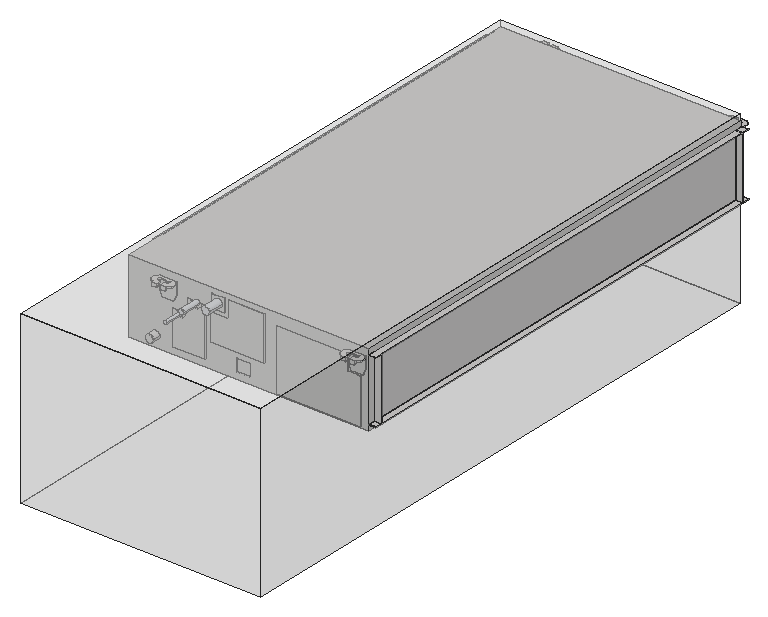
Revit family "outputfile", category 機械設備, Revit 2024
Family settings
  丸型コネクタ寸法 = 半径を使用
  パーツ タイプ = 標準
  OmniClass 番号 = 23.75.10.24.21.27.27
  OmniClass タイトル = Split System Air Conditioning Units
  作業面ベース = いいえ
  常に垂直 = はい
  ロード時にボイドで切り取り = いいえ
  注釈の向きを維持 = いいえ
  共有 = いいえ
  部屋計算ポイント = はい
Parameters (values of type "FXSQ140PAVE8")
  Description = ""
  製造元 = "Daikin"
  書き出し IFC クラス(タイプ) = "IfcUnitaryEquipmentType"
  定義済み IFC タイプ(タイプ) = "AIRCONDITIONINGUNIT"
  Cost = 0
  モデル = "FXSQ140PAVE8"
  Type Comments = ""
  Keynote = ""
  Type Image = (empty or 0)
  Assembly Code = ""
  r_Liquid Pipe Size = Liquid Pipe Size / 2  # 4.75 mm
  r_Gas Pipe Size = Gas Pipe Size / 2  # 7.95 mm
  r_Drain Pipe Size = Drain Pipe Size / 2  # 12.5 mm
  lw_power = 770.0 mm  # constant formula
  lh_SA = 138.0 mm  # constant formula
  lw_SA = if(Depth = 550.0 mm, 225.0 mm, if(Depth = 700.0 mm, 300.0 mm, if(Depth = 1000.0 mm, 450.0 mm, if(Depth = 1400.0 mm, 650.0 mm, 725.0 mm))))  # 725.0 mm
  lw_RA = if(Depth = 550.0 mm, 275.0 mm, if(Depth = 700.0 mm, 349.0 mm, if(Depth = 1000.0 mm, 499.0 mm, if(Depth = 1400.0 mm, 699.0 mm, 775.0 mm))))  # 775.0 mm
  lh_power = 60.0 mm + [h***]  # 60.0 mm
  lh_mountinghole1 = lh_mountinghole + [h***]  # 222.0 mm
  lh_RA = 123.0 mm  # constant formula
  ld_power = Depth / 2  # 775.0 mm
  Voltage_comment_60Hz = "220"
  Voltage_comment_50Hz = "220-240"
  Voltage_60Hz = 220 V
  Voltage_50Hz = 220 V
  URL = ""
  Supply Air Direction [instance] = yes
  Sound Power Level_H speed (dB) = 71
  Phase_60Hz = 1
  Phase_50Hz = 1
  Minimum External Static Pressure = 50.00 Pa
  Minimum Circuit Amps_60Hz = 3.1 A
  Minimum Circuit Amps_50Hz = 3.1 A
  Maximum Fuse Amps_60Hz = 16.0 A
  Maximum Fuse Amps_50Hz = 16.0 A
  Maximum External Static Pressure = 140.00 Pa
  Material_Casing = DAIKIN_GalvanizedSteel_Casing_indoorunit
  lw_mountinghole = 630.0 mm  # constant formula
  lh_gaspipe = 183.0 mm + [h***]  # 183.0 mm
  lh_mountinghole = 222.0 mm  # constant formula
  lh_liquidpipe = 136.0 mm + [h***]  # 136.0 mm
  lh_drainpipe = 207.0 mm + [h***]  # 207.0 mm
  lh_antena = Height - lh_mountinghole + 1.0 mm  # 24.0 mm
  ld_drainpipe = Depth / 2 + 53.0 mm  # 828.0 mm
  ld_liquidpipe = Depth / 2 + 69.0 mm  # 844.0 mm
  ld_gaspipe = Depth / 2 + 65.0 mm  # 840.0 mm
  ld_mountinghole = Depth + 38.0 mm  # 1588.0 mm
  h*** = 0.0 mm  # constant formula
  lw_liquidpipe = 179.0 mm  # constant formula
  lw_gaspipe = 229.0 mm  # constant formula
  lw_drainpipe = 300.0 mm  # constant formula
  Width = 800.0 mm
  Version = "ver.1.0"
  Unit Type = "Middle Static Pressure Duct Type"
  Unit Mass Weight = 52.00 kg
  Unit Designation [instance] = ""
  Uniclass2015Version = "Products v1.30"
  Uniclass2015Title = "Variable refrigerant flow units"
  Uniclass2015Code = "Pr_70_65_03_94"
  Total Heating Capacity [instance] = 0.000 kW
  Total Cooling Capacity [instance] = 0.000 kW
  Sound Pressure Level_M speed (dBA) = 0
  Sound Pressure Level_L speed (dBA) = 36
  Sound Pressure Level_H speed (dBA) = 43
  Series = "VRV Fan Coil Unit"
  Sensible Cooling Capacity [instance] = 0.000 kW
  SA Duct Size Width = if(Depth = 550.0 mm, 337.0 mm, if(Depth = 700.0 mm, 492.0 mm, if(Depth = 1000.0 mm, 792.0 mm, if(Depth = 1400.0 mm, 1192.0 mm, 1337.0 mm))))  # 1337.0 mm
  SA Duct Size Height = 176.0 mm
  Refrigerant Type = "R410A"
  RA Duct Size Width = if(Depth = 550.0 mm, 502.0 mm, if(Depth = 700.0 mm, 654.0 mm, if(Depth = 1000.0 mm, 952.0 mm, if(Depth = 1400.0 mm, 1352.0 mm, 1502.0 mm))))  # 1502.0 mm
  RA Duct Size Height = 208.0 mm
  Power Input (Heating) = 0.406 kW
  Power Input (Cooling) = 0.411 kW
  Option Accessory 3 [instance] = ""
  Option Accessory 2 [instance] = ""
  Option Accessory 1 [instance] = ""
  Nominal Heating Capacity = 18.000 kW
  Nominal Cooling Capacity = 16.000 kW
  Minimum Airflow = 1680.00 m³/h
  Median Airflow = 2010.00 m³/h
  Maximum Airflow = 2340.00 m³/h
  Load Classification = HVAC
  Liquid Pipe Size = 9.5 mm
  Link_Nested Family [instance] = ""
  IfcVersion = "0"
  IfcExportType = "AIRCONDITIONINGUNIT"
  IfcExportAs = "IfcUnitaryEquipmentType"
  Height = 245.0 mm
  Heating Entering Wet Bulb Temperature [instance] = 0.00 °C
  Heating Entering Dry Bulb Temperature [instance] = 0.00 °C
  Heating Ambient Wet Bulb Temperature [instance] = 0.00 °C
  Heating Ambient Dry Bulb Temperature [instance] = 0.00 °C
  Heat Exchanger Type = "Cross Fin Coil"
  Gas Pipe Size = 15.9 mm
  Frequency_60Hz = 60 Hz
  Frequency_50Hz = 50 Hz
  Fan Type = "Sirocco Fan"
  Fan Drive = "Direct Drive"
  FCU Tag No. [instance] = ""
  Drain Pipe Size = 25.0 mm
  Design Supply Airflow [instance] = 0.00 m³/h
  Design Return Airflow [instance] = 0.00 m³/h
  Design External Static Pressure [instance] = 0.00 Pa
  Depth = 1550.0 mm
  既定の高さ = 0.0 mm
  Cooling Entering Wet Bulb Temperature [instance] = 0.00 °C
  Cooling Entering Dry Bulb Temperature [instance] = 0.00 °C
  Cooling Ambient Wet Bulb Temperature [instance] = 0.00 °C
  Cooling Ambient Dry Bulb Temperature [instance] = 0.00 °C
  Clearance visibility [instance] = yes
  Clearance Top = 20.0 mm
  Clearance Right = 0.0 mm
  Clearance Rear = 0.0 mm
  Clearance Left = 0.0 mm
  Clearance Front = 450.0 mm
  Clearance Bottom = 300.0 mm
Reference planes
  plane 1 "Center (Front/Back)": y = 0
  plane 2 "h": z = 0
  plane 3 "Center (Left/Right)": x = 0
  plane 4 "Back": y = 775
  plane 5 "Front": y = -775
  plane 6 "Left": x = -400
  plane 7 "Reight": x = 400
  plane 8 "Top": z = 0
  plane 9 "Bottom": z = -245
  plane 10: y = -215
  plane 11: y = 775
  plane 12: y = -1225
  plane 13: x = -400
  plane 14: x = 400
  plane 15: z = 20
  plane 16: z = -545
  plane 17: x = -400
  plane 18: x = -399
  plane 19: x = 399
  plane 20: y = 50
  plane 21: y = 0
  plane 22: z = -122
  plane 23: y = -776
  plane 24: z = -109
  plane 25: x = -221
  plane 26: y = -840
  plane 27: z = -62
  plane 28: x = -171
  plane 29: y = -828
  plane 30: z = -38
  plane 31: x = -100
  plane 32: x = -100
  plane 33: x = -221
  plane 34: x = -171
  plane 35: x = 370
  plane 36: x = -266
  plane 37: x = 364
  plane 38: y = -794
  plane 39: y = 794
  plane 40: z = -23
  plane 41: z = -107
  plane 42: y = -844
  plane 43: z = -207
  plane 44: x = -309
  plane 45: y = -801
  plane 46: x = -251
  plane 47: x = -203
  plane 48: x = -144
  plane 49: z = -59
  plane 50: z = -106
  plane 51: z = -221
  plane 52: z = -109
  plane 53: x = -221
  plane 54: z = -62
  plane 55: x = -171
  plane 56: z = -17
  plane 57: z = -59
  plane 58: x = -121
  plane 59: x = -79
  plane 60: x = -125
  plane 61: x = -64
  plane 62: x = 53
  plane 63: z = -164
  plane 64: z = -73
  plane 65: z = -16
  plane 66: x = 93.5
  plane 67: x = 374.5
  plane 68: x = 330
  plane 69: z = -88.5
  plane 70: z = -38
  plane 71: z = -242.5
  plane 72: x = -38.5
  plane 73: x = 6.5
  plane 74: z = -181
  plane 75: z = -221
  plane 76: y = -774
  plane 77: x = -424
  plane 78: x = 424
Forms (mm)
  Extrusion 1, solid, material "DAIKIN_GalvanizedSteel_Casing_indoorunit" <- "Material_Casing"
    sketch origin (0, 0, 0) x (1, 0, 0) y (0, 1, 0)
      loop
        line (-399, 775) -> (-399, -775) -> (399, -775) -> (399, 775) -> (-399, 775)
    from -245 to 0
  Extrusion 2, solid, material "DAIKIN_GalvanizedSteel_Casing_indoorunit" <- "Material_Casing"
    sketch origin (0, 0, 0) x (1, 0, 0) y (0, 0, 1)
      loop
        line (-251, -221) -> (-144, -221) -> (-144, -59) -> (-154.47, -59)
        arc (-154.47, -59) -> (-171, -78.8) -> (-187.53, -59) r 16.8
        line (-187.53, -59) -> (-203, -59) -> (-203, -106) -> (-206.916, -106)
        arc (-206.916, -106) -> (-221, -123.4) -> (-235.084, -106) r 14.4
        line (-235.084, -106) -> (-251, -106) -> (-251, -221)
    from 775 to 776
  Extrusion 3, solid, material "DAIKIN_GalvanizedSteel_Casing_indoorunit" <- "Material_Casing"
    sketch origin (0, 0, 0) x (1, 0, 0) y (0, 0, 1)
      loop
        line (-121, -17) -> (-121, -59) -> (-79, -59) -> (-79, -17) -> (-121, -17)
      loop
        line (-125, -73) -> (-125, -164) -> (53, -164) -> (53, -16) -> (-64, -16) -> (-64, -73) -> (-125, -73)
    from 775 to 776
  Extrusion 4, solid, material "DAIKIN_GalvanizedSteel_Casing_indoorunit" <- "Material_Casing"
    sketch origin (0, 0, 0) x (1, 0, 0) y (0, 0, 1)
      loop
        line (93.5, -38) -> (93.5, -242.5) -> (374.5, -242.5) -> (374.5, -88.5) -> (330, -88.5) -> (330, -38) -> (93.5, -38)
    from 775 to 776
  Extrusion 5, solid
    sketch origin (0, 0, 0) x (1, 0, 0) y (0, 0, 1)
      loop
        circle (-221, -109) r 4.75
    from 775 to 844
  Extrusion 6, solid
    sketch origin (0, 0, 0) x (1, 0, 0) y (0, 0, 1)
      loop
        circle (-171, -62) r 7.95
    from 775 to 840
  Extrusion 7, solid
    sketch origin (0, 0, 0) x (1, 0, 0) y (0, 0, 1)
      loop
        circle (-100, -38) r 12.5
    from 776 to 828
  Extrusion 8, solid, material "DAIKIN_GalvanizedSteel_Casing_indoorunit" <- "Material_Casing"
    sketch origin (0, 0, 0) x (1, 0, 0) y (0, 0, 1)
      loop
        circle (-309, -207) r 13
    from 775 to 801
  Extrusion 9, void
    sketch origin (0, 0, 0) x (1, 0, 0) y (0, 0, 1)
      loop
        line (-38.5, -181) -> (-38.5, -221) -> (6.5, -221) -> (6.5, -181) -> (-38.5, -181)
    from 774 to 775
Cuts and joins
  Extrusion 9 cuts Extrusion 1
Dimensions and locks
  "Height": plane 8 "Top" to plane 9 "Bottom"
  equal spacing: plane 4 "Back", plane 1 "Center (Front/Back)", plane 5 "Front"
  "Depth": plane 4 "Back" to plane 5 "Front"
  equal spacing: plane 6 "Left", plane 3 "Center (Left/Right)", plane 7 "Reight"
  "Width": plane 6 "Left" to plane 7 "Reight"
  "Clearance Left": plane 13 to plane 6 "Left"
  "Clearance Right": plane 7 "Reight" to plane 14
  "Clearance Rear": plane 11 to plane 4 "Back"
  "Clearance Front": plane 5 "Front" to plane 12
  "Clearance Top": plane 15 to plane 8 "Top"
  "Clearance Bottom": plane 9 "Bottom" to plane 16
  locked: plane 17 to plane 18 at 1
  locked: plane 19 to plane 14 at 1
  "lw_SA": plane 11 to plane 20
  "lw_RA": plane 21 to plane 5 "Front"
  "lh_RA": plane 22 to plane 9 "Bottom"
  locked: plane 5 "Front" to plane 23 at 1
  "lw_liquidpipe": plane 25 to plane 6 "Left"
  "lh_liquidpipe": plane 24 to plane 9 "Bottom"
  "lh_gaspipe": plane 27 to plane 9 "Bottom"
  "lw_gaspipe": plane 28 to plane 6 "Left"
  "ld_gaspipe": plane 26 to plane 1 "Center (Front/Back)"
  "ld_drainpipe": plane 29 to plane 1 "Center (Front/Back)"
  "lh_drainpipe": plane 30 to plane 9 "Bottom"
  "lw_drainpipe": plane 31 to plane 6 "Left"
  "lw_drainpipe": plane 6 "Left" to plane 32
  "lw_liquidpipe": plane 6 "Left" to plane 33
  "lw_gaspipe": plane 6 "Left" to plane 34
  "lw_power": plane 6 "Left" to plane 35
  locked: plane 17 to plane 36 at 134
  "lw_mountinghole": plane 36 to plane 37
  equal spacing: plane 38, plane 1 "Center (Front/Back)", plane 39
  "ld_mountinghole": plane 39 to plane 38
  "lh_mountinghole": plane 40 to plane 9 "Bottom"
  "lh_SA": plane 41 to plane 9 "Bottom"
  "ld_liquidpipe": plane 21 to plane 42
  locked: plane 44 to plane 6 "Left" at 91
  locked: plane 43 to plane 9 "Bottom" at 38
  locked: plane 5 "Front" to plane 45 at 26
  plane 48 to plane 47 to plane 46 to plane 6 "Left" = 59.0 mm, 48.0 mm, 149.0 mm
  plane 8 "Top" to plane 49 to plane 50 to plane 51 = 59.0 mm locked, 47.0 mm locked, 115.0 mm locked
  plane 55 to plane 53 to plane 6 "Left" = 50.0 mm locked, 179.0 mm locked
  plane 54 to plane 52 to plane 9 "Bottom" = 47.0 mm locked, 136.0 mm locked
  plane 59 to plane 58 to plane 6 "Left" = 42.0 mm locked, 279.0 mm locked
  plane 8 "Top" to plane 56 to plane 57 = 17.0 mm locked, 42.0 mm locked
  plane 62 to plane 61 to plane 60 to plane 6 "Left" = 117.0 mm, 61.0 mm, 275.0 mm
  plane 8 "Top" to plane 65 to plane 64 = 16.0 mm locked, 57.0 mm locked
  locked: plane 65 to plane 63 at 148
  plane 8 "Top" to plane 70 to plane 69 to plane 71 = 38.0 mm locked, 50.5 mm locked, 154.0 mm locked
  plane 67 to plane 68 to plane 66 to plane 6 "Left" = 44.5 mm locked, 236.5 mm locked, 493.5 mm locked
  plane 8 "Top" to plane 74 to plane 75 = 181.0 mm locked, 40.0 mm locked
  plane 73 to plane 72 to plane 6 "Left" = 45.0 mm, 361.5 mm
  locked: plane 76 to plane 5 "Front" at 1
  locked: plane 77 to plane 17 at 24
  locked: plane 14 to plane 78 at 24
  "r_Liquid Pipe Size": radius of Extrusion 5 sketch curve
  "r_Gas Pipe Size": radius of Extrusion 6 sketch curve
  "r_Drain Pipe Size": radius of Extrusion 7 sketch curve
  aligned and locked: level to plane 2 "h"
  aligned and locked: plane 8 "Top" to Extrusion 1
  aligned and locked: Extrusion 1 to plane 9 "Bottom"
  aligned and locked: nested 5 to plane 12
  aligned and locked: plane 13 to nested 5
  aligned and locked: plane 14 to nested 5
  aligned and locked: nested 5 to plane 13
  aligned and locked: plane 11 to nested 5
  aligned and locked: plane 15 to nested 5
  aligned and locked: plane 16 to nested 5
  aligned and locked: plane 5 "Front" to Extrusion 1 sketch curve
  aligned and locked: Extrusion 1 to plane 18
  aligned and locked: plane 19 to Extrusion 1
  aligned and locked: nested 7 to plane 18
  aligned and locked: nested 7 to plane 20
  aligned and locked: plane 19 to nested 8
  aligned and locked: plane 21 to nested 8
  aligned and locked: plane 22 to nested 8
  aligned and locked: Extrusion 2 to plane 23
  aligned and locked: plane 5 "Front" to Extrusion 2
  aligned and locked: Extrusion 3 to plane 23
  aligned and locked: plane 5 "Front" to Extrusion 3
  aligned and locked: plane 5 "Front" to Extrusion 4
  aligned and locked: Extrusion 5 sketch curve to plane 25
  aligned and locked: plane 24 to Extrusion 5 sketch curve
  aligned and locked: plane 5 "Front" to Extrusion 5
  aligned and locked: Extrusion 6 sketch curve to plane 28
  aligned and locked: plane 27 to Extrusion 6 sketch curve
  aligned and locked: plane 5 "Front" to Extrusion 6
  aligned and locked: Extrusion 7 sketch curve to plane 31
  aligned and locked: Extrusion 7 sketch curve to plane 30
  aligned and locked: Extrusion 7 to plane 29
  aligned and locked: plane 23 to Extrusion 7
  aligned and locked: nested 3 to plane 29
  aligned and locked: nested 3 to plane 32
  aligned and locked: nested 2 to plane 33
  aligned and locked: nested 1 to plane 34
  aligned and locked: Extrusion 6 to plane 26
  aligned and locked: nested 1 to plane 26
  aligned and locked: nested 6 to plane 5 "Front"
  aligned and locked: nested 6 to plane 35
  aligned and locked: plane 36 to nested 10
  aligned and locked: nested 10 to plane 5 "Front"
  aligned and locked: plane 37 to nested 9
  aligned and locked: nested 9 to plane 5 "Front"
  aligned and locked: nested 11 to plane 36
  aligned and locked: plane 4 "Back" to nested 11
  aligned and locked: nested 12 to plane 37
  aligned and locked: plane 4 "Back" to nested 12
  aligned and locked: plane 40 to nested 10
  aligned and locked: plane 40 to nested 11
  aligned and locked: plane 40 to nested 9
  aligned and locked: plane 40 to nested 12
  aligned and locked: plane 36 to nested 14
  aligned and locked: nested 14 to plane 39
  aligned and locked: plane 37 to nested 13
  aligned and locked: nested 13 to plane 39
  aligned and locked: plane 37 to nested 16
  aligned and locked: plane 38 to nested 16
  aligned and locked: plane 38 to nested 15
  aligned and locked: plane 36 to nested 15
  aligned and locked: plane 17 to plane 6 "Left"
  aligned and locked: plane 41 to nested 7
  aligned and locked: Extrusion 5 to plane 42
  aligned and locked: nested 2 to plane 42
  aligned and locked: Extrusion 8 sketch curve to plane 44
  aligned and locked: plane 43 to Extrusion 8 sketch curve
  aligned and locked: plane 5 "Front" to Extrusion 8
  aligned and locked: plane 45 to Extrusion 8
  aligned and locked: Extrusion 3 sketch curve to plane 56
  aligned and locked: Extrusion 3 sketch curve to plane 58
  aligned and locked: plane 57 to Extrusion 3 sketch curve
  aligned and locked: plane 59 to Extrusion 3 sketch curve
  aligned and locked: Extrusion 4 to plane 23
  aligned and locked: Extrusion 9 sketch curve to plane 74
  aligned and locked: plane 75 to Extrusion 9 sketch curve
  aligned and locked: plane 73 to Extrusion 9 sketch curve
  aligned and locked: plane 5 "Front" to Extrusion 9
  aligned and locked: plane 76 to Extrusion 9
  aligned and locked: nested 17 to plane 20
  aligned and locked: nested 17 to plane 77
  aligned and locked: plane 21 to nested 18
  aligned and locked: plane 78 to nested 18
  aligned and locked: plane 41 to nested 17
  aligned and locked: nested 18 to plane 22
  aligned and locked: nested 4 to plane 3 "Center (Left/Right)"
  aligned and locked: plane 1 "Center (Front/Back)" to nested 4
  aligned and locked: level to plane 8 "Top"
Automatic sketch dimensions
  plane 6 "Left" to Extrusion 1 sketch curve = 1.0 mm
  Extrusion 1 sketch curve to plane 7 "Reight" = 1.0 mm
  Extrusion 1 sketch curve to plane 4 "Back" = 0.0 mm
  Extrusion 2 sketch curve to plane 46 = 0.0 mm
  Extrusion 2 sketch curve to plane 33 = 0.0 mm
  Extrusion 2 sketch curve to plane 47 = 0.0 mm
  Extrusion 2 sketch curve to plane 34 = 0.0 mm
  Extrusion 2 sketch curve to plane 48 = 0.0 mm
  Extrusion 2 sketch curve to plane 51 = 0.0 mm
  Extrusion 2 sketch curve to plane 52 = 0.0 mm
  Extrusion 2 sketch curve to plane 50 = 0.0 mm  (x3)
  Extrusion 2 sketch curve to plane 54 = 0.0 mm
  Extrusion 2 sketch curve to plane 49 = 0.0 mm  (x3)
  plane 33 to Extrusion 2 sketch curve = 14.084 mm
  plane 34 to Extrusion 2 sketch curve = 16.53 mm
  Extrusion 3 sketch curve to plane 60 = 0.0 mm
  Extrusion 3 sketch curve to plane 61 = 0.0 mm
  Extrusion 3 sketch curve to plane 62 = 0.0 mm
  Extrusion 3 sketch curve to plane 63 = 0.0 mm
  Extrusion 3 sketch curve to plane 64 = 0.0 mm
  Extrusion 3 sketch curve to plane 65 = 0.0 mm
  Extrusion 4 sketch curve to plane 66 = 0.0 mm
  Extrusion 4 sketch curve to plane 68 = 0.0 mm
  Extrusion 4 sketch curve to plane 67 = 0.0 mm
  Extrusion 4 sketch curve to plane 71 = 0.0 mm
  Extrusion 4 sketch curve to plane 69 = 0.0 mm
  Extrusion 4 sketch curve to plane 70 = 0.0 mm
  Extrusion 9 sketch curve to plane 72 = 0.0 mm
  radius of Extrusion 8 sketch curve = 13.0 mm
Nested families
  nested 1: "daikin_connector_rotate2" at (-171, 0, -62), length <- "ld_gaspipe", built-in parameter 1001364 <- "lh_gaspipe", radius <- "r_Gas Pipe Size", type "daikin_connector_rotate2"
    with radius 7.95 mm, length 840.0 mm, angle_vertical 90.00°
  nested 2: "daikin_connector_rotate2" at (-221, 0, -109), length <- "ld_liquidpipe", built-in parameter 1001364 <- "lh_liquidpipe", radius <- "r_Liquid Pipe Size", type "daikin_connector_rotate2"
    with radius 4.75 mm, length 844.0 mm, angle_vertical 90.00°
  nested 3: "daikin_connector_rotate2" at (-100, 0, -38), length <- "ld_drainpipe", built-in parameter 1001364 <- "lh_drainpipe", radius <- "r_Drain Pipe Size", type "daikin_connector_rotate2"
    with radius 12.5 mm, length 828.0 mm, angle_vertical 90.00°
  nested 4: "daikin_△_symbolicline" at (0, 0, 245) x (0, -1, 0) z (0, 0, 1), built-in parameter 1001364 <- "Height", visible <- "Supply Air Direction", type "daikin_△_symbolicline"
    with length 200.0 mm
  nested 5: "daikin_clearancespace" at (0, -225, -262.381), visible <- "Clearance visibility", show <- "Clearance visibility", Link_Nested Family <- "Link_Nested Family", type "daikin_clearancespace"
    with width 800.0 mm, show yes, height 565.0 mm, depth 2000.0 mm, Link_Nested Family ""
  nested 6: "daikin_connector_rotate2" at (370, 0, -185), built-in parameter 1001364 <- "lh_power", length <- "ld_power", type "daikin_connector_rotate2"
    with radius 10.0 mm, length 775.0 mm, angle_vertical 90.00°
  nested 7: "daikin_ductflange_FXSQ-PAVE8_2" at (-399, 50, -107) x (0, -1, 0) z (0, 0, 1), type "daikin_ductflange_FXSQ-PAVE8_2"
    with width 1337.0 mm, w 1550.0 mm
  nested 8: "daikin_ductflange_FXSQ-PAVE8_1" at (399, 0, -122) x (0, 1, 0) z (0, 0, 1), type "daikin_ductflange_FXSQ-PAVE8_1"
    with width 1502.0 mm, w 1550.0 mm
  nested 9: "daikin_hangerfixture_FXSQ-PAVE8" at (364, -775, -23), type "daikin_hangerfixture_FXSQ-PAVE8"
  nested 10: "daikin_hangerfixture_FXSQ-PAVE8" at (-266, -775, -23), type "daikin_hangerfixture_FXSQ-PAVE8"
  nested 11: "daikin_hangerfixture_FXSQ-PAVE8" at (-266, 775, -23) x (-1, 0, 0) z (0, 0, 1), type "daikin_hangerfixture_FXSQ-PAVE8"
  nested 12: "daikin_hangerfixture_FXSQ-PAVE8" at (364, 775, -23) x (-1, 0, 0) z (0, 0, 1), type "daikin_hangerfixture_FXSQ-PAVE8"
  nested 13: "daikin_mountinghole" at (364, 794, -245), h_mountinghole <- "lh_mountinghole1", l_antenna <- "lh_antena", Link_Nested Family <- "Link_Nested Family", type "daikin_mountinghole"
    with show yes, l_antenna 24.0 mm, h_mountinghole 222.0 mm, Link_Nested Family ""
  nested 14: "daikin_mountinghole" at (-266, 794, -245), h_mountinghole <- "lh_mountinghole1", l_antenna <- "lh_antena", Link_Nested Family <- "Link_Nested Family", type "daikin_mountinghole"
    with show yes, l_antenna 24.0 mm, h_mountinghole 222.0 mm, Link_Nested Family ""
  nested 15: "daikin_mountinghole" at (-266, -794, -245), h_mountinghole <- "lh_mountinghole1", l_antenna <- "lh_antena", Link_Nested Family <- "Link_Nested Family", type "daikin_mountinghole"
    with show yes, l_antenna 24.0 mm, h_mountinghole 222.0 mm, Link_Nested Family ""
  nested 16: "daikin_mountinghole" at (364, -794, -245), h_mountinghole <- "lh_mountinghole1", l_antenna <- "lh_antena", Link_Nested Family <- "Link_Nested Family", type "daikin_mountinghole"
    with show yes, l_antenna 24.0 mm, h_mountinghole 222.0 mm, Link_Nested Family ""
  nested 17: "daikin_connector_rotate2" at (-400, 50, -107) x (0, -1, 0) z (0, 0, 1), type "daikin_connector_rotate2"
    with radius 10.0 mm, length 24.0 mm, angle_vertical 90.00°
  nested 18: "daikin_connector_rotate2" at (400, 0, -122) x (0, 1, 0) z (0, 0, 1), type "daikin_connector_rotate2"
    with radius 10.0 mm, length 24.0 mm, angle_vertical 90.00°
Connectors
  piping at (-100, -828, -38), diameter 25, driven by "r_Drain Pipe Size"
    settings: on nested 3, index 3, connector inside diameter 609.6 mm, connector length 0.0 mm, flow factor 0, pipe flow 0.00 m³/h, pressure drop 0.0 Pa, fitting loss kfactor 0, connector angle 0.00°, fixture units 0, engagement length 0.0 mm, angle of deflection 0.00°, flow configuration 1, flow direction 2, fitting loss method 4, system type 16, joint type 0, gender type 0, connector reference index -1, connector utility 0, adjustable connector no, is connector primary yes, connector description "Condensate Drain Piping"
  piping at (-171, -840, -62), diameter 15.9, driven by "r_Gas Pipe Size"
    settings: on nested 1, index 4, connector inside diameter 609.6 mm, connector length 0.0 mm, flow factor 0, pipe flow 0.00 m³/h, pressure drop 0.0 Pa, fitting loss kfactor 0, connector angle 0.00°, fixture units 0, engagement length 0.0 mm, angle of deflection 0.00°, flow configuration 1, flow direction 2, fitting loss method 0, system type 29, joint type 0, gender type 0, connector reference index -1, connector utility 0, adjustable connector no, is connector primary no, connector description "Refrigerant Gas Piping"
  piping at (-221, -844, -109), diameter 9.5, driven by "r_Liquid Pipe Size"
    settings: on nested 2, index 5, connector inside diameter 609.6 mm, connector length 0.0 mm, flow factor 0, pipe flow 0.00 m³/h, pressure drop 0.0 Pa, fitting loss kfactor 0, connector angle 0.00°, fixture units 0, engagement length 0.0 mm, angle of deflection 0.00°, flow configuration 1, flow direction 1, fitting loss method 0, system type 29, joint type 0, gender type 0, connector reference index -1, connector utility 0, adjustable connector no, is connector primary no, connector description "Refrigerant Liquid Piping"
  electrical at (370, -775, -185), driven by "Load Classification"
    settings: on nested 6, index 6, voltage 0 V, apparent load 0 VA, apparent load phase1 0 VA, apparent load phase2 0 VA, apparent load phase3 0 VA, power factor 1, load classification "HVAC", number of poles 1, system type 30, power factor state 1, is connector primary yes, connector utility no, sub classification motor no, connector description "Power Supply"
  hvac at (-424, 50, -107), driven by "SA Duct Size Height", driven by "SA Duct Size Width"
    settings: on nested 17, index 7, duct flow 0.00 m³/h, flow factor 0, pres drop 0.00 Pa, loss coef 0, conn angle 0.00°, conn width 1337.0 mm, conn height 176.0 mm, conn diameter 609.6 mm, duct sys type 1, conn prof type 1, flow config 0, flow direction 2, loss method 4, conn ref index -1, conn util no, is conn primary yes, conn desc "SA Duct"
  hvac at (424, 0, -122), driven by "RA Duct Size Height", driven by "RA Duct Size Width"
    settings: on nested 18, index 8, duct flow 0.00 m³/h, flow factor 0, pres drop 0.00 Pa, loss coef 0, conn angle 0.00°, conn width 1502.0 mm, conn height 208.0 mm, conn diameter 609.6 mm, duct sys type 2, conn prof type 1, flow config 0, flow direction 1, loss method 4, conn ref index -1, conn util no, is conn primary no, conn desc "RA Duct"
Definition of nested family "daikin_clearancespace"
  Parameters (values of type "daikin_clearancespace")
    width [instance] = 1823.963 mm
    show [instance] = yes
    material = none
    height [instance] = 1359.762 mm
    depth [instance] = 880.0 mm
    Default Elevation = 0.0 mm
    Link_Nested Family [instance] = ""
  Reference planes
    plane 1 "Center (Front/Back)": y = 0
    plane 2 "Center (Elevation)": z = -0.119
    plane 3 "Center (Left/Right)": x = 0
    plane 4: y = 440
    plane 5: y = -440
    plane 6 "Right": x = 911.982
    plane 7 "Left": x = -911.982
    plane 8 "Top": z = 679.762
    plane 9 "Bottom": z = -680
  Forms (mm)
    Extrusion 1, solid, material <- "material", visible <- "show"
      sketch origin (0, 0, 0) x (1, 0, 0) y (0, 1, 0)
        loop
          line (-911.982, 440) -> (-911.982, -440) -> (911.982, -440) -> (911.982, 440) -> (-911.982, 440)
      from -680 to 679.762
  Lines and regions (mm)
    symbolic lines, visible <- "show"
      curve 1: line (911.982, 440, 0) -> (-911.982, 440, 0)
      curve 2: line (-911.982, 440, 0) -> (-911.982, -440, 0)
      curve 3: line (-911.982, -440, 0) -> (911.982, -440, 0)
      curve 4: line (911.982, -440, 0) -> (911.982, 440, 0)
      curve 5: line (911.982, 0, 679.762) -> (-911.982, 0, 679.762)
      curve 6: line (911.982, 0, -680) -> (911.982, 0, 679.762)
      curve 7: line (-911.982, 0, -680) -> (911.982, 0, -680)
      curve 8: line (-911.982, 0, 679.762) -> (-911.982, 0, -680)
      curve 9: line (0, 440, 679.762) -> (0, -440, 679.762)
      curve 10: line (0, -440, 679.762) -> (0, -440, -680)
      curve 11: line (0, 440, -680) -> (0, 440, 679.762)
      curve 12: line (0, -440, -680) -> (0, 440, -680)
  Dimensions and locks
    "width": plane 7 "Left" to plane 6 "Right"
    "depth": plane 4 to plane 5
    "height": plane 8 "Top" to plane 9 "Bottom"
    equal spacing: plane 7 "Left", plane 3 "Center (Left/Right)", plane 6 "Right"
    equal spacing: plane 4, plane 1 "Center (Front/Back)", plane 5
    equal spacing: plane 8 "Top", plane 2 "Center (Elevation)", plane 9 "Bottom"
    aligned and locked: level to plane 2 "Center (Elevation)"
    aligned and locked: Extrusion 1 sketch curve to plane 4
    aligned and locked: plane 7 "Left" to Extrusion 1 sketch curve
    aligned and locked: Extrusion 1 sketch curve to plane 5
    aligned and locked: Extrusion 1 sketch curve to plane 6 "Right"
    aligned and locked: plane 8 "Top" to Extrusion 1
    aligned and locked: curve 1 to Extrusion 1
    aligned and locked: curve 2 to Extrusion 1
    aligned and locked: curve 3 to Extrusion 1
    aligned and locked: curve 4 to Extrusion 1
    aligned and locked: curve 5 to Extrusion 1
    aligned and locked: curve 6 to Extrusion 1
    aligned and locked: curve 7 to Extrusion 1
    aligned and locked: curve 8 to Extrusion 1
    aligned and locked: curve 9 to Extrusion 1
    aligned and locked: curve 10 to Extrusion 1
    aligned and locked: curve 11 to Extrusion 1
    aligned and locked: curve 12 to Extrusion 1
    aligned and locked: Extrusion 1 to plane 9 "Bottom"
Definition of nested family "daikin_ductflange_FXSQ-PAVE8_2"
  Parameters (values of type "daikin_ductflange_FXMQ-PAVE2")
    width = if(w = 550.0 mm, 337.0 mm, if(w = 700.0 mm, 492.0 mm, if(w = 1000.0 mm, 792.0 mm, if(w = 1400.0 mm, 1192.0 mm, 1337.0 mm))))  # 337.0 mm
    material = none
    height = 215.0 mm
    depth = 1.0 mm
    w = 550.0 mm
    Default Elevation = 0.0 mm
  Reference planes
    plane 1 "Center (Front/Back)": y = 0
    plane 2: z = 0
    plane 3 "Center (Left/Right)": x = 0
    plane 4: z = 88
    plane 5: z = -88
    plane 6: y = -25
    plane 7: z = 106
    plane 8: z = 89
    plane 9: y = -1
    plane 10: x = -192.5
    plane 11: x = 192.5
    plane 12: z = -106
    plane 13: z = -89
    plane 14: y = -1
    plane 15: x = 168.5
    plane 16: x = -168.5
    plane 17: x = 169.5
    plane 18: z = 87
    plane 19: z = -87
    plane 20: x = -169.5
    plane 21: z = 87
    plane 22: z = -87
    plane 23: y = -1
  Forms (mm)
    Extrusion 1, solid, material <- "material"
      sketch origin (0, 0, 0) x (0, 1, 0) y (0, 0, 1)
        loop
          line (-25, 88) -> (0, 88) -> (0, 106) -> (-1, 106) -> (-1, 89) -> (-25, 89) -> (-25, 88)
      from -192.5 to 192.5
    Extrusion 2, solid, material <- "material"
      sketch origin (0, 0, 0) x (0, 1, 0) y (0, 0, 1)
        loop
          line (-25, -88) -> (-25, -89) -> (-1, -89) -> (-1, -106) -> (0, -106) -> (0, -88) -> (-25, -88)
      from -192.5 to 192.5
    Extrusion 3, solid, material <- "material"
      sketch origin (0, 0, 0) x (1, 0, 0) y (0, 0, 1)
        loop
          line (168.5, 88) -> (168.5, -88) -> (192.5, -88) -> (192.5, -87) -> (169.5, -87) -> (169.5, 87) -> (192.5, 87) -> (192.5, 88) -> (168.5, 88)
      from 0 to 25
    Extrusion 4, solid, material <- "material"
      sketch origin (0, 0, 0) x (1, 0, 0) y (0, 0, 1)
        loop
          line (-192.5, 88) -> (-192.5, 87) -> (-169.5, 87) -> (-169.5, -87) -> (-192.5, -87) -> (-192.5, -88) -> (-168.5, -88) -> (-168.5, 88) -> (-192.5, 88)
      from 0 to 25
    Extrusion 5, solid, material <- "material"
      sketch origin (0, 0, 0) x (1, 0, 0) y (0, 0, 1)
        loop
          line (-192.5, 88) -> (-192.5, -88) -> (-168.5, -88) -> (-168.5, 88) -> (-192.5, 88)
        loop
          line (192.5, 88) -> (168.5, 88) -> (168.5, -88) -> (192.5, -88) -> (192.5, 88)
      from 0 to 1
  Cuts and joins
    joined: Extrusion 1, Extrusion 2, Extrusion 3, Extrusion 4, Extrusion 5
  Dimensions and locks
    plane 4 to level to plane 5 = 88.0 mm, 88.0 mm
    locked: plane 6 to plane 1 "Center (Front/Back)" at 25
    locked: plane 9 to plane 1 "Center (Front/Back)" at 1
    locked: plane 8 to plane 4 at 1
    locked: plane 16 to plane 10 at 24
    locked: plane 17 to plane 15 at 1
    locked: plane 4 to plane 18 at 1
    locked: plane 19 to plane 5 at 1
    "width": plane 15 to plane 16
    plane 4 to plane 5 = 176.0 mm
    locked: plane 16 to plane 20 at 1
    locked: plane 4 to plane 21 at 1
    locked: plane 22 to plane 5 at 1
    locked: plane 23 to plane 1 "Center (Front/Back)" at 1
    plane 4 to level to plane 5 = 88.0 mm locked, 88.0 mm locked
    locked: plane 5 to plane 13 at 1
    locked: plane 5 to plane 12 at 18
    locked: plane 7 to plane 4 at 18
    equal spacing: plane 15, plane 3 "Center (Left/Right)", plane 16
    locked: plane 11 to plane 15 at 24
    plane 11 to plane 10 = 385.0 mm
    aligned and locked: level to plane 2
    aligned and locked: Extrusion 1 to plane 10
    aligned and locked: plane 11 to Extrusion 1
    aligned and locked: plane 5 to Extrusion 2
    aligned and locked: Extrusion 2 to plane 1 "Center (Front/Back)"
    aligned and locked: plane 15 to Extrusion 3 sketch curve
    aligned and locked: Extrusion 3 sketch curve to Extrusion 2  (x2)
    aligned and locked: Extrusion 3 sketch curve to plane 11
    aligned and locked: plane 6 to Extrusion 3
    aligned and locked: Extrusion 2 to plane 10
    aligned and locked: plane 11 to Extrusion 2
    aligned and locked: Extrusion 4 sketch curve to Extrusion 1  (x2)
    aligned and locked: plane 5 to Extrusion 4 sketch curve
    aligned and locked: Extrusion 4 sketch curve to plane 16
    aligned and locked: Extrusion 4 sketch curve to plane 22
    aligned and locked: plane 20 to Extrusion 4 sketch curve
    aligned and locked: plane 21 to Extrusion 4 sketch curve
    aligned and locked: Extrusion 4 to plane 1 "Center (Front/Back)"
    aligned and locked: plane 6 to Extrusion 4
    aligned and locked: Extrusion 5 sketch curve to Extrusion 1  (x4)
    aligned and locked: Extrusion 5 sketch curve to Extrusion 4  (x2)
    aligned and locked: Extrusion 5 sketch curve to Extrusion 3  (x2)
    aligned and locked: Extrusion 5 to plane 1 "Center (Front/Back)"
    aligned and locked: plane 23 to Extrusion 5
  Automatic sketch dimensions
    Extrusion 1 sketch curve to plane 6 = 0.0 mm
    Extrusion 1 sketch curve to plane 7 = 0.0 mm
    Extrusion 1 sketch curve to plane 9 = 0.0 mm
    Extrusion 1 sketch curve to plane 1 "Center (Front/Back)" = 0.0 mm
    Extrusion 1 sketch curve to plane 4 = 0.0 mm
    Extrusion 1 sketch curve to plane 8 = 0.0 mm
    Extrusion 2 sketch curve to plane 6 = 0.0 mm
    plane 12 to Extrusion 2 sketch curve = 0.0 mm
    Extrusion 2 sketch curve to plane 14 = 0.0 mm
    Extrusion 2 sketch curve to plane 1 "Center (Front/Back)" = 0.0 mm
    plane 13 to Extrusion 2 sketch curve = 0.0 mm
    Extrusion 2 sketch curve to plane 5 = 0.0 mm
    Extrusion 3 sketch curve to plane 17 = 0.0 mm
    Extrusion 3 sketch curve to plane 19 = 0.0 mm
    Extrusion 3 sketch curve to plane 18 = 0.0 mm
    Extrusion 3 sketch curve to plane 4 = 0.0 mm
    Extrusion 4 sketch curve to plane 10 = 0.0 mm
Definition of nested family "daikin_ductflange_FXSQ-PAVE8_1"
  Parameters (values of type "daikin_ductflange_FXMQ-PAVE")
    width = if(w = 550.0 mm, 502.0 mm, if(w = 700.0 mm, 654.0 mm, if(w = 1000.0 mm, 952.0 mm, if(w = 1400.0 mm, 1352.0 mm, 1502.0 mm))))  # 502.0 mm
    material = none
    height = 208.0 mm
    depth = 1.0 mm
    w = 550.0 mm
    Default Elevation = 0.0 mm
  Reference planes
    plane 1 "Center (Front/Back)": y = 0
    plane 2: z = 0
    plane 3 "Center (Left/Right)": x = 0
    plane 4: z = 104
    plane 5: z = -104
    plane 6: y = -25
    plane 7: z = 121
    plane 8: z = 105
    plane 9: y = -1
    plane 10: x = -275
    plane 11: x = 275
    plane 12: z = -122
    plane 13: z = -105
    plane 14: y = -1
    plane 15: x = 251
    plane 16: x = -251
    plane 17: x = 252
    plane 18: z = 103
    plane 19: z = -103
    plane 20: x = -252
    plane 21: z = 103
    plane 22: z = -103
    plane 23: y = -1
  Forms (mm)
    Extrusion 1, solid, material <- "material"
      sketch origin (0, 0, 0) x (0, 1, 0) y (0, 0, 1)
        loop
          line (-25, 104) -> (0, 104) -> (0, 121) -> (-1, 121) -> (-1, 105) -> (-25, 105) -> (-25, 104)
      from -275 to 275
    Extrusion 2, solid, material <- "material"
      sketch origin (0, 0, 0) x (0, 1, 0) y (0, 0, 1)
        loop
          line (-25, -104) -> (-25, -105) -> (-1, -105) -> (-1, -122) -> (0, -122) -> (0, -104) -> (-25, -104)
      from -275 to 275
    Extrusion 3, solid, material <- "material"
      sketch origin (0, 0, 0) x (1, 0, 0) y (0, 0, 1)
        loop
          line (251, 104) -> (251, -104) -> (275, -104) -> (275, -103) -> (252, -103) -> (252, 103) -> (275, 103) -> (275, 104) -> (251, 104)
      from 0 to 25
    Extrusion 4, solid, material <- "material"
      sketch origin (0, 0, 0) x (1, 0, 0) y (0, 0, 1)
        loop
          line (-275, 104) -> (-275, 103) -> (-252, 103) -> (-252, -103) -> (-275, -103) -> (-275, -104) -> (-251, -104) -> (-251, 104) -> (-275, 104)
      from 0 to 25
    Extrusion 5, solid, material <- "material"
      sketch origin (0, 0, 0) x (1, 0, 0) y (0, 0, 1)
        loop
          line (-275, 104) -> (-275, -104) -> (-251, -104) -> (-251, 104) -> (-275, 104)
        loop
          line (275, 104) -> (251, 104) -> (251, -104) -> (275, -104) -> (275, 104)
      from 0 to 1
  Cuts and joins
    joined: Extrusion 1, Extrusion 2, Extrusion 3, Extrusion 4, Extrusion 5
  Dimensions and locks
    plane 4 to level to plane 5 = 104.0 mm, 104.0 mm
    locked: plane 6 to plane 1 "Center (Front/Back)" at 25
    locked: plane 9 to plane 1 "Center (Front/Back)" at 1
    locked: plane 8 to plane 4 at 1
    locked: plane 11 to plane 15 at 24
    locked: plane 16 to plane 10 at 24
    locked: plane 17 to plane 15 at 1
    locked: plane 4 to plane 18 at 1
    locked: plane 19 to plane 5 at 1
    "width": plane 15 to plane 16
    equal spacing: plane 15, plane 3 "Center (Left/Right)", plane 16
    locked: plane 16 to plane 20 at 1
    locked: plane 4 to plane 21 at 1
    locked: plane 22 to plane 5 at 1
    locked: plane 23 to plane 1 "Center (Front/Back)" at 1
    locked: plane 7 to plane 4 at 17
    locked: plane 1 "Center (Front/Back)" to plane 14 at 1
    locked: plane 5 to plane 13 at 1
    "height": plane 4 to plane 5
    plane 11 to plane 10 = 550.0 mm
    locked: plane 12 to plane 13 at 17
    equal spacing: plane 4, level, plane 5
    aligned and locked: level to plane 2
    aligned and locked: Extrusion 1 to plane 10
    aligned and locked: plane 11 to Extrusion 1
    aligned and locked: plane 5 to Extrusion 2
    aligned and locked: Extrusion 2 to plane 1 "Center (Front/Back)"
    aligned and locked: plane 15 to Extrusion 3 sketch curve
    aligned and locked: Extrusion 3 sketch curve to Extrusion 2  (x2)
    aligned and locked: Extrusion 3 sketch curve to plane 11
    aligned and locked: plane 6 to Extrusion 3
    aligned and locked: Extrusion 2 to plane 10
    aligned and locked: plane 11 to Extrusion 2
    aligned and locked: Extrusion 4 sketch curve to Extrusion 1  (x2)
    aligned and locked: plane 5 to Extrusion 4 sketch curve
    aligned and locked: Extrusion 4 sketch curve to plane 16
    aligned and locked: Extrusion 4 sketch curve to plane 22
    aligned and locked: plane 20 to Extrusion 4 sketch curve
    aligned and locked: plane 21 to Extrusion 4 sketch curve
    aligned and locked: Extrusion 4 to plane 1 "Center (Front/Back)"
    aligned and locked: plane 6 to Extrusion 4
    aligned and locked: Extrusion 5 sketch curve to Extrusion 1  (x4)
    aligned and locked: Extrusion 5 sketch curve to Extrusion 4  (x2)
    aligned and locked: Extrusion 5 sketch curve to Extrusion 3  (x2)
    aligned and locked: Extrusion 5 to plane 1 "Center (Front/Back)"
    aligned and locked: plane 23 to Extrusion 5
  Automatic sketch dimensions
    Extrusion 1 sketch curve to plane 6 = 0.0 mm
    Extrusion 1 sketch curve to plane 7 = 0.0 mm
    Extrusion 1 sketch curve to plane 9 = 0.0 mm
    Extrusion 1 sketch curve to plane 1 "Center (Front/Back)" = 0.0 mm
    Extrusion 1 sketch curve to plane 4 = 0.0 mm
    Extrusion 1 sketch curve to plane 8 = 0.0 mm
    Extrusion 2 sketch curve to plane 6 = 0.0 mm
    plane 12 to Extrusion 2 sketch curve = 0.0 mm
    Extrusion 2 sketch curve to plane 14 = 0.0 mm
    Extrusion 2 sketch curve to plane 1 "Center (Front/Back)" = 0.0 mm
    plane 13 to Extrusion 2 sketch curve = 0.0 mm
    Extrusion 2 sketch curve to plane 5 = 0.0 mm
    Extrusion 3 sketch curve to plane 17 = 0.0 mm
    Extrusion 3 sketch curve to plane 19 = 0.0 mm
    Extrusion 3 sketch curve to plane 18 = 0.0 mm
    Extrusion 3 sketch curve to plane 4 = 0.0 mm
    Extrusion 4 sketch curve to plane 10 = 0.0 mm
Definition of nested family "daikin_hangerfixture_FXSQ-PAVE8"
  Parameters (values of type "daikin_hangerfixture_FXMQ-PAVE")
    width = 72.0 mm
    material = none
    height = 60.0 mm
    depth = 41.0 mm
    Default Elevation = 0.0 mm
  Reference planes
    plane 1 "Center (Front/Back)": y = 0
    plane 2: z = 0
    plane 3 "Center (Left/Right)": x = 0
    plane 4: y = 417.146
    plane 5: y = -41
    plane 6: x = -36
    plane 7: x = 36
    plane 8: z = -2.3
    plane 9: z = -60
    plane 10: y = -2.3
    plane 11: z = -12
    plane 12: y = -38.7
  Forms (mm)
    Extrusion 1, solid, material <- "material"
      sketch origin (0, 0, 0) x (1, 0, 0) y (0, 1, 0)
        loop
          line (-28, 0) -> (-28, -5)
          arc (-28, -5) -> (-29.127, -8.162) -> (-32, -9.899) r 5
          arc (-32, -9.899) -> (-34.873, -11.636) -> (-36, -14.798) r 5
          line (-36, -14.798) -> (-36, -27.178)
          arc (-36, -27.178) -> (-35.429, -29.499) -> (-33.846, -31.289) r 5
          line (-33.846, -31.289) -> (-23, -38.798) -> (-23, -41.098) -> (-6.5, -41.098) -> (-6.5, -28.498)
          arc (-6.5, -28.498) -> (-7.379, -26.377) -> (-9.5, -25.498) r 3
          line (-9.5, -25.498) -> (-13.5, -25.498)
          arc (-13.5, -25.498) -> (-20, -18.998) -> (-13.5, -12.498) r 6.5
          line (-13.5, -12.498) -> (13.5, -12.498)
          arc (13.5, -12.498) -> (20, -18.998) -> (13.5, -25.498) r 6.5
          line (13.5, -25.498) -> (9.5, -25.498)
          arc (9.5, -25.498) -> (7.379, -26.377) -> (6.5, -28.498) r 3
          line (6.5, -28.498) -> (6.5, -41.098) -> (23, -41.098) -> (23, -38.798) -> (33.846, -31.289)
          arc (33.846, -31.289) -> (35.429, -29.499) -> (36, -27.178) r 5
          line (36, -27.178) -> (36, -14.596)
          arc (36, -14.596) -> (34.873, -11.434) -> (32, -9.697) r 5
          arc (32, -9.697) -> (29.127, -7.96) -> (28, -4.798) r 5
          line (28, -4.798) -> (28, 0) -> (-28, 0)
      from 0 to -2.3
    Extrusion 2, solid, material <- "material"
      sketch origin (0, 0, 0) x (1, 0, 0) y (0, 0, 1)
        loop
          line (28, -39.037) -> (28, 0) -> (-28, 0) -> (-28, -39.037)
          arc (-28, -39.037) -> (-27.91, -39.983) -> (-27.642, -40.894) r 5
          line (-27.642, -40.894) -> (-21.257, -56.857)
          arc (-21.257, -56.857) -> (-19.418, -59.14) -> (-16.615, -60) r 5
          line (-16.615, -60) -> (16.615, -60)
          arc (16.615, -60) -> (19.418, -59.14) -> (21.257, -56.857) r 5
          line (21.257, -56.857) -> (27.642, -40.894)
          arc (27.642, -40.894) -> (27.91, -39.983) -> (28, -39.037) r 5
      from 0 to 2.3
    Extrusion 3, solid, material <- "material"
      sketch origin (0, 0, 0) x (1, 0, 0) y (0, 0, 1)
        loop
          line (-23, 0) -> (-23, -9)
          arc (-23, -9) -> (-22.121, -11.121) -> (-20, -12) r 3
          line (-20, -12) -> (-9.5, -12)
          arc (-9.5, -12) -> (-7.379, -11.121) -> (-6.5, -9) r 3
          line (-6.5, -9) -> (-6.5, 0) -> (-23, 0)
        loop
          line (23, 0) -> (6.5, 0) -> (6.5, -9)
          arc (6.5, -9) -> (7.379, -11.121) -> (9.5, -12) r 3
          line (9.5, -12) -> (20, -12)
          arc (20, -12) -> (22.121, -11.121) -> (23, -9) r 3
          line (23, -9) -> (23, 0)
      from 38.8 to 41.098
  Cuts and joins
    joined: Extrusion 1, Extrusion 2, Extrusion 3
  Dimensions and locks
    plane 2 to plane 8 = 2.3 mm
    "height": plane 2 to plane 9
    locked: plane 10 to plane 1 "Center (Front/Back)" at 2.3
    locked: plane 2 to plane 11 at 12
    locked: plane 12 to plane 5 at 2.3
    aligned and locked: level to plane 2
    aligned and locked: Extrusion 1 to plane 8
    aligned and locked: plane 2 to Extrusion 1
    aligned and locked: plane 2 to Extrusion 2 sketch curve
    aligned and locked: Extrusion 2 to plane 10
    aligned and locked: Extrusion 2 to plane 1 "Center (Front/Back)"
    aligned and locked: Extrusion 3 sketch curve to cut or joined group of Extrusion 1, Extrusion 2, Extrusion 3  (x3)
    aligned and locked: cut or joined group of Extrusion 1, Extrusion 2, Extrusion 3 to Extrusion 3
  Automatic sketch dimensions
    Extrusion 2 sketch curve to plane 7 = 8.0 mm
    Extrusion 2 sketch curve to plane 8 = 36.737 mm
    plane 6 to Extrusion 2 sketch curve = 19.385 mm
    Extrusion 1 sketch curve to plane 6 = 0.0 mm
    plane 1 "Center (Front/Back)" to Extrusion 1 sketch curve = 0.0 mm
    Extrusion 1 sketch curve to plane 7 = 0.0 mm
    plane 6 to Extrusion 1 sketch curve = 2.154 mm
    plane 6 to Extrusion 1 sketch curve = 3.0 mm
    Extrusion 1 sketch curve to Extrusion 1 sketch curve = 5.0 mm  (x3)
    Extrusion 1 sketch curve to plane 12 = 0.098 mm  (x2)
    Extrusion 1 sketch curve to Extrusion 1 sketch curve = 4.0 mm  (x2)
    Extrusion 1 sketch curve to plane 5 = 0.098 mm  (x2)
    Extrusion 1 sketch curve to plane 3 "Center (Left/Right)" = 6.5 mm
    plane 3 "Center (Left/Right)" to Extrusion 1 sketch curve = 6.5 mm
    Extrusion 1 sketch curve to Extrusion 1 sketch curve = 3.0 mm
    Extrusion 1 sketch curve to plane 7 = 8.0 mm
    Extrusion 1 sketch curve to plane 7 = 5.0 mm
    Extrusion 1 sketch curve to plane 7 = 3.0 mm
    Extrusion 1 sketch curve to plane 7 = 2.154 mm
    plane 12 to Extrusion 1 sketch curve = 7.411 mm  (x2)
    plane 12 to Extrusion 1 sketch curve = 10.202 mm  (x2)
    Extrusion 1 sketch curve to Extrusion 1 sketch curve = 6.5 mm  (x2)
    Extrusion 1 sketch curve to Extrusion 1 sketch curve = 12.38 mm
    Extrusion 1 sketch curve to plane 10 = 12.296 mm
    Extrusion 1 sketch curve to plane 10 = 2.7 mm
    Extrusion 1 sketch curve to plane 10 = 2.498 mm
    plane 6 to Extrusion 1 sketch curve = 4.0 mm
    Extrusion 1 sketch curve to Extrusion 1 sketch curve = 0.0 mm  (x2)
    Extrusion 1 sketch curve to plane 7 = 4.0 mm
    Extrusion 1 sketch curve to Extrusion 1 sketch curve = 4.111 mm
    Extrusion 3 sketch curve to level = 0.0 mm  (x2)
    Extrusion 3 sketch curve to plane 11 = 0.0 mm  (x2)
    plane 11 to Extrusion 3 sketch curve = 3.0 mm  (x2)
    plane 3 "Center (Left/Right)" to Extrusion 3 sketch curve = 6.5 mm
    Extrusion 3 sketch curve to Extrusion 3 sketch curve = 3.0 mm  (x2)
    Extrusion 2 sketch curve to plane 9 = 0.0 mm
    Extrusion 2 sketch curve to Extrusion 2 sketch curve = 11.385 mm
    plane 6 to Extrusion 2 sketch curve = 8.0 mm
    plane 9 to Extrusion 2 sketch curve = 20.963 mm
    Extrusion 2 sketch curve to Extrusion 2 sketch curve = 5.0 mm  (x2)
    plane 9 to Extrusion 2 sketch curve = 3.143 mm  (x3)
    Extrusion 2 sketch curve to Extrusion 2 sketch curve = 4.642 mm  (x2)
    Extrusion 2 sketch curve to Extrusion 2 sketch curve = 0.0 mm  (x2)
    Extrusion 2 sketch curve to Extrusion 2 sketch curve = 0.358 mm
    Extrusion 2 sketch curve to Extrusion 2 sketch curve = 1.857 mm  (x2)
Definition of nested family "daikin_connector_rotate2"
  Parameters (values of type "daikin_connector_rotate2")
    Default Elevation = 1219.2 mm
    show_face = no
    radius [instance] = 10.0 mm
    length [instance] = 600.0 mm
    d_surface = 10.0 mm
    angle_vertical [instance] = 90.00°
  Reference planes
    plane 1 "Center (Front/Back)": y = 0
    plane 2: z = 0
    plane 3 "Center (Left/Right)": x = 0
  Forms (mm)
    Extrusion 1, solid, visible <- "show_face"
      sketch origin (0, -600, 0) x (1, 0, 0) y (0, 0, 1)
        loop
          circle (0, 0) r 10
      from 0 to -10
  Lines and regions (mm)
    reference lines
      curve 1: line (0, 0, 0) -> (0, -600, 0)
    symbolic lines
      curve 2: circle (0, 0, 0) r 5 normal (0, 0, 1)
    model lines, visible <- "show_face"
      curve 3: line (0, 0, 0) -> (0, -600, 0)
  Dimensions and locks
    "length": curve 1 to curve 1
    "length": curve 3 to curve 3
    "d_surface": Extrusion 1 to Extrusion 1
    "radius": radius of Extrusion 1 sketch curve
    "angle_vertical": angle curve 1 to plane 1 "Center (Front/Back)"
    "angle_vertical": angle curve 3 to plane 1 "Center (Front/Back)"
    aligned and locked: level to plane 2
    aligned and locked: plane 1 "Center (Front/Back)" to curve 1
    aligned and locked: plane 2 to curve 1
    aligned and locked: plane 1 "Center (Front/Back)" to curve 2
    aligned and locked: plane 3 "Center (Left/Right)" to curve 2
    aligned and locked: plane 1 "Center (Front/Back)" to curve 3
    aligned and locked: plane 2 to curve 3
    aligned and locked: Extrusion 1 to Extrusion 1
  Automatic sketch dimensions
    Extrusion 1 sketch curve to level = 0.0 mm
    Extrusion 1 sketch curve to plane 3 "Center (Left/Right)" = 0.0 mm
    radius of curve 2 = 5.0 mm
Definition of nested family "daikin_△_symbolicline"
  Parameters (values of type "daikin_△_symbolicline")
    length [instance] = 200.0 mm
    Default Elevation = 0.0 mm
  Reference planes
    plane 1 "Center (Front/Back)": y = 0
    plane 2: z = 0
    plane 3 "Center (Left/Right)": x = 0
  Lines and regions (mm)
    symbolic lines
      curve 1: line (0, -173.205, 0) -> (100, 0, 0)
      curve 2: line (100, 0, 0) -> (-100, 0, 0)
      curve 3: line (-100, 0, 0) -> (0, -173.205, 0)
  Dimensions and locks
    equal spacing: curve 3, plane 3 "Center (Left/Right)", curve 2
    "length": curve 3 to curve 2
    "length": curve 3 to curve 3
    "length": curve 1 to curve 1
    aligned and locked: level to plane 2
    aligned and locked: curve 2 to plane 1 "Center (Front/Back)"
    aligned and locked: plane 3 "Center (Left/Right)" to curve 3
Definition of nested family "daikin_mountinghole"
  Parameters (values of type "daikin_mountinghole")
    Default Elevation = 1219.2 mm
    Type Comments = "mountinghole"
    show [instance] = yes
    material = none
    l_centerline = 100.0 mm
    l_antenna [instance] = 100.0 mm
    h_mountinghole [instance] = 0.0 mm
    d_circle = 30.0 mm
    Link_Nested Family [instance] = ""
  Reference planes
    plane 1 "Center (Front/Back)": y = 0
    plane 2: z = 0
    plane 3 "Center (Left/Right)": x = 0
    plane 4: y = 50
    plane 5: x = -50
    plane 6: x = 50
    plane 7: y = -50
    plane 8 "h_mountinghole": z = 0
    plane 9: z = 100
  Lines and regions (mm)
    model lines, detail levels fine
      curve 1: circle (0, 0, 0) r 15 normal (0, 0, 1)
      curve 2: line (-50, 0, 0) -> (50, 0, 0)
      curve 3: line (0, 50, 0) -> (0, -50, 0)
    symbolic lines, detail levels fine
      curve 4: circle (0, 0, 0) r 15 normal (0, 0, 1)
      curve 5: line (-50, 0, 0) -> (50, 0, 0)
      curve 6: line (0, 50, 0) -> (0, -50, 0)
    model lines
      curve 7: line (0, 0, 100) -> (0, 0, 0)
  Dimensions and locks
    equal spacing: plane 4, plane 1 "Center (Front/Back)", plane 7
    "l_centerline": plane 4 to plane 7
    equal spacing: plane 5, plane 3 "Center (Left/Right)", plane 6
    "l_centerline": plane 5 to plane 6
    "l_antenna": plane 9 to plane 8 "h_mountinghole"
    "h_mountinghole": plane 8 "h_mountinghole" to plane 2
    "d_circle": diameter of curve 1
    "d_circle": diameter of curve 4
    aligned and locked: level to plane 2
    aligned and locked: plane 1 "Center (Front/Back)" to curve 1
    aligned and locked: plane 3 "Center (Left/Right)" to curve 1
    aligned and locked: plane 1 "Center (Front/Back)" to curve 2
    aligned and locked: curve 3 to plane 3 "Center (Left/Right)"
    aligned and locked: plane 6 to curve 2
    aligned and locked: plane 5 to curve 2
    aligned and locked: plane 4 to curve 3
    aligned and locked: plane 7 to curve 3
    aligned and locked: plane 1 "Center (Front/Back)" to curve 4
    aligned and locked: plane 3 "Center (Left/Right)" to curve 4
    aligned and locked: plane 6 to curve 5
    aligned and locked: plane 5 to curve 5
    aligned and locked: plane 1 "Center (Front/Back)" to curve 5
    aligned and locked: plane 4 to curve 6
    aligned and locked: plane 7 to curve 6
    aligned and locked: curve 6 to plane 3 "Center (Left/Right)"
    aligned and locked: curve 7 to plane 3 "Center (Left/Right)"
    aligned and locked: plane 9 to curve 7
    aligned and locked: plane 8 "h_mountinghole" to curve 7
